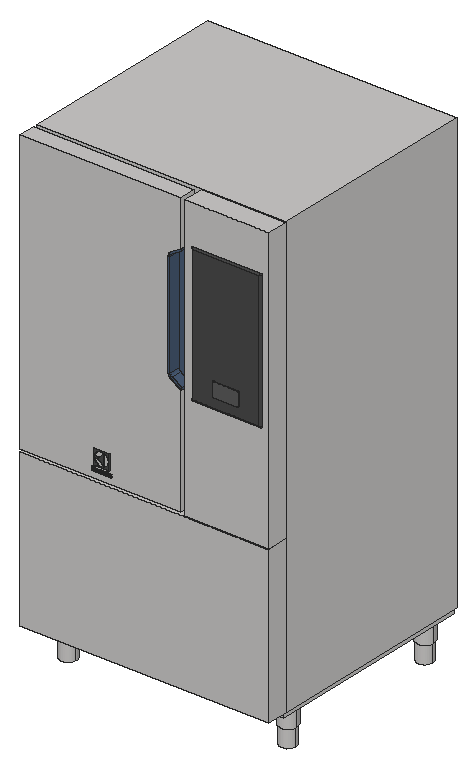
Revit family "QF_ELECTROLUXPROFESSIONAL_727737_EBFA11RE", category Specialty Equipment, Revit 2018
Family settings
  Round Connector Dimension = Use Diameter
  Part Type = Normal
  Work Plane-Based = No
  Always vertical = Yes
  Cut with Voids When Loaded = No
  Shared = No
  Room Calculation Point = No
Parameters
  Weight = 0.00 kg
  Watts = 0 W
  Volts = 220 V
  URL Manufacturer = "http://professional.electrolux.com"
  URL = "http://professional.electrolux.com"
  Steam Supply Size = 0 mm
  Steam Supply Minimum Pressure = 0.0 Pa
  Steam Supply Maximum Pressure = 0.0 Pa
  Steam Pounds per Hour = 0
  Show Logo [instance] = yes
  Show Clearance [instance] = yes
  Refrigeration Suction Line Size = 0 mm
  Refrigeration Liquid Line Size = 0 mm
  Refrigerant Compressor Remote = yes
  Manufacturer = "Electrolux"
  Phase = 1
  Model = "EBFA11RE"
  Length Actual = 895 mm  # constant formula
  Item Number = "727737"
  Hot Water Size = 0 mm
  Height Actual = 1731 mm  # constant formula
  HP = "2.5 HP"
  Gas Size = 0 mm
  Gas KW = 0
  Gas Input Pressure = 0 W
  Direct Waste Size = 139.7 mm
  Description = "SKYLINE CHILLS BLAST CHILLER FREEZER 50/50KG 10 GN 1/1 - REMOTE REFRIGERATING UNIT"
  Depth Actual = 939 mm  # constant formula
  Cycle = 60 Hz
  Condensate Return Size = 0 mm
  Compressed Air Volume = 0.0 L/s
  Compressed Air Size = 0 mm
  Compressed Air Pressure = 0.0 Pa
  Cold Water Size = 0 mm
  Accessory = yes
Reference planes
  plane 1 "Center X": y = 126.351
  plane 2: z = 0
  plane 3 "Center Y": x = -311.5
  plane 4 "LEFT": x = -759
  plane 5 "BACK": y = 547.851
  plane 6 "RIGHT": x = 136
  plane 7 "FRONT": y = -295.149
  plane 8: z = 130
  plane 9 "TOP": z = 1731
  plane 10: x = -707
  plane 11: y = 471.851
  plane 12: x = 84
  plane 13: y = -144.149
  plane 14: y = 639.851
  plane 15: y = -834.149
Forms (mm)
  Extrusion 1, solid, material "QF_Finishes_Stainless Steel"
    sketch origin (0, 0, 1731) x (-1, 0, 0) y (0, -1, 0)
      loop
        line (759, -547.851) -> (759, 219.149) -> (-136, 219.149) -> (-136, -547.851) -> (759, -547.851)
    from 0 to -1581
  Extrusion 2, solid, material "QF_Finishes_Stainless Steel"
    sketch origin (-759, -0.954, 258.709) x (0, 1, 0) y (0, 0, 1)
      loop
        line (548.805, 694.306) -> (548.805, 392.314) -> (633.5, 399.789)
        arc (633.5, 399.789) -> (638.702, 402.354) -> (640.805, 407.759) r 8
        line (640.805, 407.759) -> (640.805, 433.233)
        arc (640.805, 433.233) -> (636.783, 442.547) -> (640.805, 451.86) r 12.795
        line (640.805, 451.86) -> (640.805, 483.24)
        arc (640.805, 483.24) -> (636.783, 492.554) -> (640.805, 501.867) r 12.795
        line (640.805, 501.867) -> (640.805, 533.247)
        arc (640.805, 533.247) -> (636.783, 542.56) -> (640.805, 551.874) r 12.795
        line (640.805, 551.874) -> (640.805, 583.254)
        arc (640.805, 583.254) -> (636.783, 592.567) -> (640.805, 601.881) r 12.795
        line (640.805, 601.881) -> (640.805, 634.796)
        arc (640.805, 634.796) -> (639.466, 639.795) -> (635.808, 643.455) r 10
        line (635.808, 643.455) -> (548.805, 694.306)
    from 618.187 to 801.865
  Extrusion 3, solid, material "QF_Finishes_Stainless Steel"
    sketch origin (-54.727, 547.851, 2066) x (1, 0, 0) y (0, 0, -1)
      loop
        circle (121.727, 1473) r 10.5
    from 0 to 29
  Extrusion 4, solid, material "QF_Finishes_Stainless Steel"
    sketch origin (-1206.916, -1524, 130) x (-1, 0, 0) y (0, -1, 0)
      loop
        line (-447.916, -1228.851) -> (-1342.916, -1228.851) -> (-1342.916, -1303.851) -> (-447.916, -1303.851) -> (-447.916, -1228.851)
    from 580 to 20.02
  Extrusion 5, solid, material "QF_Finishes_Stainless Steel"
    sketch origin (-1206.916, -1524, 130) x (-1, 0, 0) y (0, -1, 0)
      loop
        line (-456.916, -2071.851) -> (-456.916, -1306.851) -> (-1333.916, -1306.851) -> (-1333.916, -2071.851) -> (-456.916, -2071.851)
    from 20 to 0
  Extrusion 6, solid, material "QF_Finishes_Stainless Steel"
    sketch origin (-1206.916, -1524, 130) x (0, -1, 0) y (-1, 0, 0)
      loop
        circle (-1673.851, -847.916) r 9.5
    from 0 to 31.68
  Extrusion 7, void
    sketch origin (1, 0, 1731) x (-1, 0, 0) y (0, -1, 0)
      loop
        line (132.09, -639.851) -> (141.813, -639.851) -> (141.813, -547.851) -> (140.183, -547.851) -> (132.09, -639.851)
      loop
        line (-40.234, -547.851) -> (-41.865, -547.851) -> (-41.865, -639.851) -> (-32.141, -639.851) -> (-40.234, -547.851)
    from -1080 to -770
  Extrusion 8, solid, material "QF_Finishes_Stainless Steel"
    sketch origin (-623, -295.149, 0) x (1, 0, 0) y (0, 0, -1)
      loop
        line (442.2, -1731) -> (442.2, -1568.97) -> (405.947, -1544.888)
        arc (405.947, -1544.888) -> (399.716, -1538.041) -> (397.46, -1529.062) r 19
        line (397.46, -1529.062) -> (397.46, -1154.149)
        arc (397.46, -1154.149) -> (399.839, -1144.688) -> (406.41, -1137.479) r 20
        line (406.41, -1137.479) -> (442.2, -1113.756) -> (442.2, -719.524) -> (-136, -719.524) -> (-136, -1731) -> (442.2, -1731)
    from 0 to 60
  Extrusion 9, solid, material "QF_Finishes_Stainless Steel"
    sketch origin (-623, 0, 1060.038) x (1, 0, 0) y (0, 1, 0)
      loop
        line (759, -295.149) -> (759, -220.149) -> (457, -220.149) -> (457, -295.149) -> (759, -295.149)
    from 670.962 to -349
  Extrusion 10, solid, material "QF_Door-Drawer Clearances", visible <- "Show Clearance", detail levels coarse
    sketch origin (-623, 0, 1060.038) x (1, 0, 0) y (0, 1, 0)
      loop
        line (-82, -295.149) -> (-82, -831.649)
        arc (-82, -831.649) -> (284.195, -665.108) -> (442.2, -295.149) r 556
        line (442.2, -295.149) -> (-82, -295.149)
    from -340.514 to 670.962
  Extrusion 11, solid, material "QF_Finishes_Stainless Steel"
    sketch origin (-632, -235.149, 600.072) x (1, 0, 0) y (0, 0, -1)
      loop
        line (406.46, -554.076) -> (406.46, -928.989)
        arc (406.46, -928.989) -> (408.716, -937.969) -> (414.947, -944.816) r 19
        line (414.947, -944.816) -> (451.2, -968.898) -> (451.2, -513.683) -> (415.41, -537.406)
        arc (415.41, -537.406) -> (408.839, -544.616) -> (406.46, -554.076) r 20
    from -21 to 0
  Extrusion 12, solid, material "QF_Finishes_Electrolux_Blue"
    sketch origin (-632, -295.149, 600.072) x (-1, 0, 0) y (0, 0, -1)
      loop
        line (-451.2, -968.898) -> (-414.947, -944.816)
        arc (-414.947, -944.816) -> (-408.716, -937.969) -> (-406.46, -928.989) r 19
        line (-406.46, -928.989) -> (-406.46, -554.076)
        arc (-406.46, -554.076) -> (-408.839, -544.616) -> (-415.41, -537.406) r 20
        line (-415.41, -537.406) -> (-451.2, -513.683) -> (-453.7, -513.683) -> (-453.7, -519.824) -> (-419.001, -542.824)
        arc (-419.001, -542.824) -> (-414.566, -547.691) -> (-412.96, -554.076) r 13.5
        line (-412.96, -554.076) -> (-412.96, -928.989)
        arc (-412.96, -928.989) -> (-414.444, -934.897) -> (-418.543, -939.401) r 12.5
        line (-418.543, -939.401) -> (-453.7, -962.755) -> (-453.7, -968.898) -> (-451.2, -968.898)
    from -39 to 1
  Extrusion 13, void
    sketch origin (136, -219.149, 1731) x (1, 0, 0) y (0, 0, -1)
      loop
        line (-366.8, 60) -> (-366.8, 962) -> (-834, 962) -> (-834, 60) -> (-366.8, 60)
    from 0 to 705
  Extrusion 14, solid, material "QF_Door-Drawer Clearances", visible <- "Show Clearance", detail levels coarse
    sketch origin (-765, -389.449, 0) x (0, -1, 0) y (0, 0, -1)
      loop
        line (442.2, -1731) -> (442.2, -1568.97) -> (405.947, -1544.888)
        arc (405.947, -1544.888) -> (399.716, -1538.041) -> (397.46, -1529.062) r 19
        line (397.46, -1529.062) -> (397.46, -1154.149)
        arc (397.46, -1154.149) -> (399.839, -1144.688) -> (406.41, -1137.479) r 20
        line (406.41, -1137.479) -> (442.2, -1113.756) -> (442.2, -719.524) -> (-94.3, -719.524) -> (-94.3, -1731) -> (442.2, -1731)
    from 0 to 60
  Extrusion 15, solid, material "QF_Door-Drawer Clearances", visible <- "Show Clearance", detail levels coarse
    sketch origin (-705, -380.449, 600.072) x (0, -1, 0) y (0, 0, -1)
      loop
        line (406.46, -554.076) -> (406.46, -928.989)
        arc (406.46, -928.989) -> (408.716, -937.969) -> (414.947, -944.816) r 19
        line (414.947, -944.816) -> (451.2, -968.898) -> (451.2, -513.683) -> (415.41, -537.406)
        arc (415.41, -537.406) -> (408.839, -544.616) -> (406.46, -554.076) r 20
    from -21 to 0
  Extrusion 16, solid, material "QF_Door-Drawer Clearances", visible <- "Show Clearance", detail levels coarse
    sketch origin (-765, -380.449, 600.072) x (0, 1, 0) y (0, 0, -1)
      loop
        line (-451.2, -968.898) -> (-414.947, -944.816)
        arc (-414.947, -944.816) -> (-408.716, -937.969) -> (-406.46, -928.989) r 19
        line (-406.46, -928.989) -> (-406.46, -554.076)
        arc (-406.46, -554.076) -> (-408.839, -544.616) -> (-415.41, -537.406) r 20
        line (-415.41, -537.406) -> (-451.2, -513.683) -> (-453.7, -513.683) -> (-453.7, -519.824) -> (-419.001, -542.824)
        arc (-419.001, -542.824) -> (-414.566, -547.691) -> (-412.96, -554.076) r 13.5
        line (-412.96, -554.076) -> (-412.96, -928.989)
        arc (-412.96, -928.989) -> (-414.444, -934.897) -> (-418.543, -939.401) r 12.5
        line (-418.543, -939.401) -> (-453.7, -962.755) -> (-453.7, -968.898) -> (-451.2, -968.898)
    from -39 to 1
  Extrusion 17, solid, material "QF_Finishes_Stainless Steel"
    sketch origin (-759, 547.851, 1731) x (1, 0, 0) y (0, 0, -1)
      loop
        circle (743, 1514) r 4.75
    from -100 to -80
  Extrusion 18, solid, material "QF_Finishes_Stainless Steel"
    sketch origin (-759, 547.851, 1731) x (1, 0, 0) y (0, 0, -1)
      loop
        circle (685, 1508) r 8
    from -100 to -20
Cuts and joins
  Extrusion 13 cuts Extrusion 1
  Extrusion 7, Extrusion 13 cuts Extrusion 2
  Extrusion 13 cuts Extrusion 3
  Extrusion 13 cuts Extrusion 5
  Extrusion 13 cuts Extrusion 6
  joined: Extrusion 1, Extrusion 2, Extrusion 3, Extrusion 5, Extrusion 6
  joined: Extrusion 10, Extrusion 14, Extrusion 15, Extrusion 16
Lines and regions (mm)
  Split face 1
    outline origin (594.146, -295.149, -365.12) x (-1, 0, 0) y (0, 0, -1)
      loop
        line (490.638, -548.639) -> (600.654, -548.639) -> (600.654, -543.665) -> (490.638, -543.665) -> (490.638, -548.639)
  Split face 2
    outline origin (594.146, -295.149, -355.62) x (-1, 0, 0) y (0, 0, -1)
      loop
        line (490.638, -548.639) -> (600.654, -548.639) -> (600.654, -543.665) -> (490.638, -543.665) -> (490.638, -548.639)
  Split face 3
    outline origin (594.146, -295.149, -346.12) x (-1, 0, 0) y (0, 0, -1)
      loop
        line (490.638, -548.639) -> (600.654, -548.639) -> (600.654, -543.665) -> (490.638, -543.665) -> (490.638, -548.639)
  Split face 4
    outline origin (594.146, -295.149, -336.62) x (-1, 0, 0) y (0, 0, -1)
      loop
        line (490.638, -548.639) -> (600.654, -548.639) -> (600.654, -543.665) -> (490.638, -543.665) -> (490.638, -548.639)
  Split face 5
    outline origin (594.146, -295.149, -327.12) x (-1, 0, 0) y (0, 0, -1)
      loop
        line (490.638, -548.639) -> (600.654, -548.639) -> (600.654, -543.665) -> (490.638, -543.665) -> (490.638, -548.639)
  Split face 6
    outline origin (594.146, -295.149, -317.619) x (-1, 0, 0) y (0, 0, -1)
      loop
        line (490.638, -548.639) -> (600.654, -548.639) -> (600.654, -543.665) -> (490.638, -543.665) -> (490.638, -548.639)
  Split face 7
    outline origin (594.146, -295.149, -308.119) x (-1, 0, 0) y (0, 0, -1)
      loop
        line (490.638, -548.639) -> (600.654, -548.639) -> (600.654, -543.665) -> (490.638, -543.665) -> (490.638, -548.639)
  Split face 8
    outline origin (594.146, -295.149, -298.619) x (-1, 0, 0) y (0, 0, -1)
      loop
        line (490.638, -548.639) -> (600.654, -548.639) -> (600.654, -543.665) -> (490.638, -543.665) -> (490.638, -548.639)
  Split face 9
    outline origin (594.146, -295.149, -289.119) x (-1, 0, 0) y (0, 0, -1)
      loop
        line (490.638, -548.639) -> (600.654, -548.639) -> (600.654, -543.665) -> (490.638, -543.665) -> (490.638, -548.639)
  Split face 10
    outline origin (594.146, -295.149, -279.619) x (-1, 0, 0) y (0, 0, -1)
      loop
        line (490.638, -548.639) -> (600.654, -548.639) -> (600.654, -543.665) -> (490.638, -543.665) -> (490.638, -548.639)
  Split face 11
    outline origin (594.146, -295.149, -270.119) x (-1, 0, 0) y (0, 0, -1)
      loop
        line (490.638, -548.639) -> (600.654, -548.639) -> (600.654, -543.665) -> (490.638, -543.665) -> (490.638, -548.639)
  Split face 12
    outline origin (594.146, -295.149, -260.619) x (-1, 0, 0) y (0, 0, -1)
      loop
        line (490.638, -548.639) -> (600.654, -548.639) -> (600.654, -543.665) -> (490.638, -543.665) -> (490.638, -548.639)
  Split face 13
    outline origin (594.146, -295.149, -251.119) x (-1, 0, 0) y (0, 0, -1)
      loop
        line (490.638, -548.639) -> (600.654, -548.639) -> (600.654, -543.665) -> (490.638, -543.665) -> (490.638, -548.639)
  Split face 14
    outline origin (594.146, -295.149, -241.619) x (-1, 0, 0) y (0, 0, -1)
      loop
        line (490.638, -548.639) -> (600.654, -548.639) -> (600.654, -543.665) -> (490.638, -543.665) -> (490.638, -548.639)
  Split face 15
    outline origin (594.146, -295.149, -232.119) x (-1, 0, 0) y (0, 0, -1)
      loop
        line (490.638, -548.639) -> (600.654, -548.639) -> (600.654, -543.665) -> (490.638, -543.665) -> (490.638, -548.639)
  Split face 16
    outline origin (594.146, -295.149, -222.619) x (-1, 0, 0) y (0, 0, -1)
      loop
        line (490.638, -548.639) -> (600.654, -548.639) -> (600.654, -543.665) -> (490.638, -543.665) -> (490.638, -548.639)
  Split face 17
    outline origin (594.146, -295.149, -213.119) x (-1, 0, 0) y (0, 0, -1)
      loop
        line (490.638, -548.639) -> (600.654, -548.639) -> (600.654, -543.665) -> (490.638, -543.665) -> (490.638, -548.639)
  Split face 18
    outline origin (594.146, -295.149, -203.619) x (-1, 0, 0) y (0, 0, -1)
      loop
        line (490.638, -548.639) -> (600.654, -548.639) -> (600.654, -543.665) -> (490.638, -543.665) -> (490.638, -548.639)
  Split face 19
    outline origin (594.146, -295.149, -194.118) x (-1, 0, 0) y (0, 0, -1)
      loop
        line (490.638, -548.639) -> (600.654, -548.639) -> (600.654, -543.665) -> (490.638, -543.665) -> (490.638, -548.639)
  Split face 20
    outline origin (594.146, -295.149, -184.618) x (-1, 0, 0) y (0, 0, -1)
      loop
        line (490.638, -548.639) -> (600.654, -548.639) -> (600.654, -543.665) -> (490.638, -543.665) -> (490.638, -548.639)
  Split face 21
    outline origin (594.146, -295.149, -175.118) x (-1, 0, 0) y (0, 0, -1)
      loop
        line (490.638, -548.639) -> (600.654, -548.639) -> (600.654, -543.665) -> (490.638, -543.665) -> (490.638, -548.639)
  Split face 22
    outline origin (594.146, -295.149, -165.618) x (-1, 0, 0) y (0, 0, -1)
      loop
        line (490.638, -548.639) -> (600.654, -548.639) -> (600.654, -543.665) -> (490.638, -543.665) -> (490.638, -548.639)
  Split face 23
    outline origin (594.146, -295.149, -156.118) x (-1, 0, 0) y (0, 0, -1)
      loop
        line (490.638, -548.639) -> (600.654, -548.639) -> (600.654, -543.665) -> (490.638, -543.665) -> (490.638, -548.639)
  Split face 24
    outline origin (594.146, -295.149, -146.618) x (-1, 0, 0) y (0, 0, -1)
      loop
        line (490.638, -548.639) -> (600.654, -548.639) -> (600.654, -543.665) -> (490.638, -543.665) -> (490.638, -548.639)
  Split face 25
    outline origin (594.146, -295.149, -137.118) x (-1, 0, 0) y (0, 0, -1)
      loop
        line (490.638, -548.639) -> (600.654, -548.639) -> (600.654, -543.665) -> (490.638, -543.665) -> (490.638, -548.639)
  Split face 26
    outline origin (594.146, -295.149, -127.618) x (-1, 0, 0) y (0, 0, -1)
      loop
        line (490.638, -548.639) -> (600.654, -548.639) -> (600.654, -543.665) -> (490.638, -543.665) -> (490.638, -548.639)
  Split face 27
    outline origin (594.146, -295.149, -118.118) x (-1, 0, 0) y (0, 0, -1)
      loop
        line (490.638, -548.639) -> (600.654, -548.639) -> (600.654, -543.665) -> (490.638, -543.665) -> (490.638, -548.639)
  Split face 28
    outline origin (594.146, -295.149, -108.618) x (-1, 0, 0) y (0, 0, -1)
      loop
        line (490.638, -548.639) -> (600.654, -548.639) -> (600.654, -543.665) -> (490.638, -543.665) -> (490.638, -548.639)
  Split face 29
    outline origin (594.146, -295.149, -99.118) x (-1, 0, 0) y (0, 0, -1)
      loop
        line (490.638, -548.639) -> (600.654, -548.639) -> (600.654, -543.665) -> (490.638, -543.665) -> (490.638, -548.639)
  Split face 30
    outline origin (594.146, -295.149, -89.618) x (-1, 0, 0) y (0, 0, -1)
      loop
        line (490.638, -548.639) -> (600.654, -548.639) -> (600.654, -543.665) -> (490.638, -543.665) -> (490.638, -548.639)
  Split face 31
    outline origin (594.146, -295.149, -80.117) x (-1, 0, 0) y (0, 0, -1)
      loop
        line (490.638, -548.639) -> (600.654, -548.639) -> (600.654, -543.665) -> (490.638, -543.665) -> (490.638, -548.639)
  Split face 32
    outline origin (594.146, -295.149, -70.617) x (-1, 0, 0) y (0, 0, -1)
      loop
        line (490.638, -548.639) -> (600.654, -548.639) -> (600.654, -543.665) -> (490.638, -543.665) -> (490.638, -548.639)
  Split face 33
    outline origin (594.146, -295.149, -61.117) x (-1, 0, 0) y (0, 0, -1)
      loop
        line (490.638, -548.639) -> (600.654, -548.639) -> (600.654, -543.665) -> (490.638, -543.665) -> (490.638, -548.639)
  Split face 34
    outline origin (594.146, -295.149, -51.617) x (-1, 0, 0) y (0, 0, -1)
      loop
        line (490.638, -548.639) -> (600.654, -548.639) -> (600.654, -543.665) -> (490.638, -543.665) -> (490.638, -548.639)
  Split face 35
    outline origin (594.146, -295.149, -42.117) x (-1, 0, 0) y (0, 0, -1)
      loop
        line (490.638, -548.639) -> (600.654, -548.639) -> (600.654, -543.665) -> (490.638, -543.665) -> (490.638, -548.639)
  Split face 36
    outline origin (594.146, -295.149, -32.617) x (-1, 0, 0) y (0, 0, -1)
      loop
        line (490.638, -548.639) -> (600.654, -548.639) -> (600.654, -543.665) -> (490.638, -543.665) -> (490.638, -548.639)
  Split face 37
    outline origin (594.146, -295.149, -23.117) x (-1, 0, 0) y (0, 0, -1)
      loop
        line (490.638, -548.639) -> (600.654, -548.639) -> (600.654, -543.665) -> (490.638, -543.665) -> (490.638, -548.639)
  Split face 38
    outline origin (594.146, -295.149, -13.617) x (-1, 0, 0) y (0, 0, -1)
      loop
        line (490.638, -548.639) -> (600.654, -548.639) -> (600.654, -543.665) -> (490.638, -543.665) -> (490.638, -548.639)
  Split face 39
    outline origin (594.146, -295.149, -4.117) x (-1, 0, 0) y (0, 0, -1)
      loop
        line (490.638, -548.639) -> (600.654, -548.639) -> (600.654, -543.665) -> (490.638, -543.665) -> (490.638, -548.639)
  Split face 40
    outline origin (594.146, -295.149, 5.383) x (-1, 0, 0) y (0, 0, -1)
      loop
        line (490.638, -548.639) -> (600.654, -548.639) -> (600.654, -543.665) -> (490.638, -543.665) -> (490.638, -548.639)
  Split face 41
    outline origin (594.146, -295.149, 14.883) x (-1, 0, 0) y (0, 0, -1)
      loop
        line (490.638, -548.639) -> (600.654, -548.639) -> (600.654, -543.665) -> (490.638, -543.665) -> (490.638, -548.639)
  Split face 42
    outline origin (474.155, -295.149, -365.12) x (-1, 0, 0) y (0, 0, -1)
      loop
        line (490.638, -548.639) -> (600.654, -548.639) -> (600.654, -543.665) -> (490.638, -543.665) -> (490.638, -548.639)
  Split face 43
    outline origin (474.155, -295.149, -355.62) x (-1, 0, 0) y (0, 0, -1)
      loop
        line (490.638, -548.639) -> (600.654, -548.639) -> (600.654, -543.665) -> (490.638, -543.665) -> (490.638, -548.639)
  Split face 44
    outline origin (474.155, -295.149, -346.12) x (-1, 0, 0) y (0, 0, -1)
      loop
        line (490.638, -548.639) -> (600.654, -548.639) -> (600.654, -543.665) -> (490.638, -543.665) -> (490.638, -548.639)
  Split face 45
    outline origin (474.155, -295.149, -336.62) x (-1, 0, 0) y (0, 0, -1)
      loop
        line (490.638, -548.639) -> (600.654, -548.639) -> (600.654, -543.665) -> (490.638, -543.665) -> (490.638, -548.639)
  Split face 46
    outline origin (474.155, -295.149, -327.12) x (-1, 0, 0) y (0, 0, -1)
      loop
        line (490.638, -548.639) -> (600.654, -548.639) -> (600.654, -543.665) -> (490.638, -543.665) -> (490.638, -548.639)
  Split face 47
    outline origin (474.155, -295.149, -317.619) x (-1, 0, 0) y (0, 0, -1)
      loop
        line (490.638, -548.639) -> (600.654, -548.639) -> (600.654, -543.665) -> (490.638, -543.665) -> (490.638, -548.639)
  Split face 48
    outline origin (474.155, -295.149, -308.119) x (-1, 0, 0) y (0, 0, -1)
      loop
        line (490.638, -548.639) -> (600.654, -548.639) -> (600.654, -543.665) -> (490.638, -543.665) -> (490.638, -548.639)
  Split face 49
    outline origin (474.155, -295.149, -298.619) x (-1, 0, 0) y (0, 0, -1)
      loop
        line (490.638, -548.639) -> (600.654, -548.639) -> (600.654, -543.665) -> (490.638, -543.665) -> (490.638, -548.639)
  Split face 50
    outline origin (474.155, -295.149, -289.119) x (-1, 0, 0) y (0, 0, -1)
      loop
        line (490.638, -548.639) -> (600.654, -548.639) -> (600.654, -543.665) -> (490.638, -543.665) -> (490.638, -548.639)
  Split face 51
    outline origin (474.155, -295.149, -279.619) x (-1, 0, 0) y (0, 0, -1)
      loop
        line (490.638, -548.639) -> (600.654, -548.639) -> (600.654, -543.665) -> (490.638, -543.665) -> (490.638, -548.639)
  Split face 52
    outline origin (474.155, -295.149, -270.119) x (-1, 0, 0) y (0, 0, -1)
      loop
        line (490.638, -548.639) -> (600.654, -548.639) -> (600.654, -543.665) -> (490.638, -543.665) -> (490.638, -548.639)
  Split face 53
    outline origin (474.155, -295.149, -260.619) x (-1, 0, 0) y (0, 0, -1)
      loop
        line (490.638, -548.639) -> (600.654, -548.639) -> (600.654, -543.665) -> (490.638, -543.665) -> (490.638, -548.639)
  Split face 54
    outline origin (474.155, -295.149, -251.119) x (-1, 0, 0) y (0, 0, -1)
      loop
        line (490.638, -548.639) -> (600.654, -548.639) -> (600.654, -543.665) -> (490.638, -543.665) -> (490.638, -548.639)
  Split face 55
    outline origin (474.155, -295.149, -241.619) x (-1, 0, 0) y (0, 0, -1)
      loop
        line (490.638, -548.639) -> (600.654, -548.639) -> (600.654, -543.665) -> (490.638, -543.665) -> (490.638, -548.639)
  Split face 56
    outline origin (474.155, -295.149, -232.119) x (-1, 0, 0) y (0, 0, -1)
      loop
        line (490.638, -548.639) -> (600.654, -548.639) -> (600.654, -543.665) -> (490.638, -543.665) -> (490.638, -548.639)
  Split face 57
    outline origin (474.155, -295.149, -222.619) x (-1, 0, 0) y (0, 0, -1)
      loop
        line (490.638, -548.639) -> (600.654, -548.639) -> (600.654, -543.665) -> (490.638, -543.665) -> (490.638, -548.639)
  Split face 58
    outline origin (474.155, -295.149, -213.119) x (-1, 0, 0) y (0, 0, -1)
      loop
        line (490.638, -548.639) -> (600.654, -548.639) -> (600.654, -543.665) -> (490.638, -543.665) -> (490.638, -548.639)
  Split face 59
    outline origin (474.155, -295.149, -203.619) x (-1, 0, 0) y (0, 0, -1)
      loop
        line (490.638, -548.639) -> (600.654, -548.639) -> (600.654, -543.665) -> (490.638, -543.665) -> (490.638, -548.639)
  Split face 60
    outline origin (474.155, -295.149, -194.118) x (-1, 0, 0) y (0, 0, -1)
      loop
        line (490.638, -548.639) -> (600.654, -548.639) -> (600.654, -543.665) -> (490.638, -543.665) -> (490.638, -548.639)
  Split face 61
    outline origin (474.155, -295.149, -184.618) x (-1, 0, 0) y (0, 0, -1)
      loop
        line (490.638, -548.639) -> (600.654, -548.639) -> (600.654, -543.665) -> (490.638, -543.665) -> (490.638, -548.639)
  Split face 62
    outline origin (474.155, -295.149, -175.118) x (-1, 0, 0) y (0, 0, -1)
      loop
        line (490.638, -548.639) -> (600.654, -548.639) -> (600.654, -543.665) -> (490.638, -543.665) -> (490.638, -548.639)
  Split face 63
    outline origin (474.155, -295.149, -165.618) x (-1, 0, 0) y (0, 0, -1)
      loop
        line (490.638, -548.639) -> (600.654, -548.639) -> (600.654, -543.665) -> (490.638, -543.665) -> (490.638, -548.639)
  Split face 64
    outline origin (474.155, -295.149, -156.118) x (-1, 0, 0) y (0, 0, -1)
      loop
        line (490.638, -548.639) -> (600.654, -548.639) -> (600.654, -543.665) -> (490.638, -543.665) -> (490.638, -548.639)
  Split face 65
    outline origin (474.155, -295.149, -146.618) x (-1, 0, 0) y (0, 0, -1)
      loop
        line (490.638, -548.639) -> (600.654, -548.639) -> (600.654, -543.665) -> (490.638, -543.665) -> (490.638, -548.639)
  Split face 66
    outline origin (474.155, -295.149, -137.118) x (-1, 0, 0) y (0, 0, -1)
      loop
        line (490.638, -548.639) -> (600.654, -548.639) -> (600.654, -543.665) -> (490.638, -543.665) -> (490.638, -548.639)
  Split face 67
    outline origin (474.155, -295.149, -127.618) x (-1, 0, 0) y (0, 0, -1)
      loop
        line (490.638, -548.639) -> (600.654, -548.639) -> (600.654, -543.665) -> (490.638, -543.665) -> (490.638, -548.639)
  Split face 68
    outline origin (474.155, -295.149, -118.118) x (-1, 0, 0) y (0, 0, -1)
      loop
        line (490.638, -548.639) -> (600.654, -548.639) -> (600.654, -543.665) -> (490.638, -543.665) -> (490.638, -548.639)
  Split face 69
    outline origin (474.155, -295.149, -108.618) x (-1, 0, 0) y (0, 0, -1)
      loop
        line (490.638, -548.639) -> (600.654, -548.639) -> (600.654, -543.665) -> (490.638, -543.665) -> (490.638, -548.639)
  Split face 70
    outline origin (474.155, -295.149, -99.118) x (-1, 0, 0) y (0, 0, -1)
      loop
        line (490.638, -548.639) -> (600.654, -548.639) -> (600.654, -543.665) -> (490.638, -543.665) -> (490.638, -548.639)
  Split face 71
    outline origin (474.155, -295.149, -89.618) x (-1, 0, 0) y (0, 0, -1)
      loop
        line (490.638, -548.639) -> (600.654, -548.639) -> (600.654, -543.665) -> (490.638, -543.665) -> (490.638, -548.639)
  Split face 72
    outline origin (474.155, -295.149, -80.117) x (-1, 0, 0) y (0, 0, -1)
      loop
        line (490.638, -548.639) -> (600.654, -548.639) -> (600.654, -543.665) -> (490.638, -543.665) -> (490.638, -548.639)
  Split face 73
    outline origin (474.155, -295.149, -70.617) x (-1, 0, 0) y (0, 0, -1)
      loop
        line (490.638, -548.639) -> (600.654, -548.639) -> (600.654, -543.665) -> (490.638, -543.665) -> (490.638, -548.639)
  Split face 74
    outline origin (474.155, -295.149, -61.117) x (-1, 0, 0) y (0, 0, -1)
      loop
        line (490.638, -548.639) -> (600.654, -548.639) -> (600.654, -543.665) -> (490.638, -543.665) -> (490.638, -548.639)
  Split face 75
    outline origin (474.155, -295.149, -51.617) x (-1, 0, 0) y (0, 0, -1)
      loop
        line (490.638, -548.639) -> (600.654, -548.639) -> (600.654, -543.665) -> (490.638, -543.665) -> (490.638, -548.639)
  Split face 76
    outline origin (474.155, -295.149, -42.117) x (-1, 0, 0) y (0, 0, -1)
      loop
        line (490.638, -548.639) -> (600.654, -548.639) -> (600.654, -543.665) -> (490.638, -543.665) -> (490.638, -548.639)
  Split face 77
    outline origin (474.155, -295.149, -32.617) x (-1, 0, 0) y (0, 0, -1)
      loop
        line (490.638, -548.639) -> (600.654, -548.639) -> (600.654, -543.665) -> (490.638, -543.665) -> (490.638, -548.639)
  Split face 78
    outline origin (474.155, -295.149, -23.117) x (-1, 0, 0) y (0, 0, -1)
      loop
        line (490.638, -548.639) -> (600.654, -548.639) -> (600.654, -543.665) -> (490.638, -543.665) -> (490.638, -548.639)
  Split face 79
    outline origin (474.155, -295.149, -13.617) x (-1, 0, 0) y (0, 0, -1)
      loop
        line (490.638, -548.639) -> (600.654, -548.639) -> (600.654, -543.665) -> (490.638, -543.665) -> (490.638, -548.639)
  Split face 80
    outline origin (474.155, -295.149, -4.117) x (-1, 0, 0) y (0, 0, -1)
      loop
        line (490.638, -548.639) -> (600.654, -548.639) -> (600.654, -543.665) -> (490.638, -543.665) -> (490.638, -548.639)
  Split face 81
    outline origin (474.155, -295.149, 5.383) x (-1, 0, 0) y (0, 0, -1)
      loop
        line (490.638, -548.639) -> (600.654, -548.639) -> (600.654, -543.665) -> (490.638, -543.665) -> (490.638, -548.639)
  Split face 82
    outline origin (474.155, -295.149, 14.883) x (-1, 0, 0) y (0, 0, -1)
      loop
        line (490.638, -548.639) -> (600.654, -548.639) -> (600.654, -543.665) -> (490.638, -543.665) -> (490.638, -548.639)
  Split face 83
    outline origin (354.164, -295.149, -365.12) x (-1, 0, 0) y (0, 0, -1)
      loop
        line (490.638, -548.639) -> (600.654, -548.639) -> (600.654, -543.665) -> (490.638, -543.665) -> (490.638, -548.639)
  Split face 84
    outline origin (354.164, -295.149, -355.62) x (-1, 0, 0) y (0, 0, -1)
      loop
        line (490.638, -548.639) -> (600.654, -548.639) -> (600.654, -543.665) -> (490.638, -543.665) -> (490.638, -548.639)
  Split face 85
    outline origin (354.164, -295.149, -346.12) x (-1, 0, 0) y (0, 0, -1)
      loop
        line (490.638, -548.639) -> (600.654, -548.639) -> (600.654, -543.665) -> (490.638, -543.665) -> (490.638, -548.639)
  Split face 86
    outline origin (354.164, -295.149, -336.62) x (-1, 0, 0) y (0, 0, -1)
      loop
        line (490.638, -548.639) -> (600.654, -548.639) -> (600.654, -543.665) -> (490.638, -543.665) -> (490.638, -548.639)
  Split face 87
    outline origin (354.164, -295.149, -327.12) x (-1, 0, 0) y (0, 0, -1)
      loop
        line (490.638, -548.639) -> (600.654, -548.639) -> (600.654, -543.665) -> (490.638, -543.665) -> (490.638, -548.639)
  Split face 88
    outline origin (354.164, -295.149, -317.619) x (-1, 0, 0) y (0, 0, -1)
      loop
        line (490.638, -548.639) -> (600.654, -548.639) -> (600.654, -543.665) -> (490.638, -543.665) -> (490.638, -548.639)
  Split face 89
    outline origin (354.164, -295.149, -308.119) x (-1, 0, 0) y (0, 0, -1)
      loop
        line (490.638, -548.639) -> (600.654, -548.639) -> (600.654, -543.665) -> (490.638, -543.665) -> (490.638, -548.639)
  Split face 90
    outline origin (354.164, -295.149, -298.619) x (-1, 0, 0) y (0, 0, -1)
      loop
        line (490.638, -548.639) -> (600.654, -548.639) -> (600.654, -543.665) -> (490.638, -543.665) -> (490.638, -548.639)
  Split face 91
    outline origin (354.164, -295.149, -289.119) x (-1, 0, 0) y (0, 0, -1)
      loop
        line (490.638, -548.639) -> (600.654, -548.639) -> (600.654, -543.665) -> (490.638, -543.665) -> (490.638, -548.639)
  Split face 92
    outline origin (354.164, -295.149, -279.619) x (-1, 0, 0) y (0, 0, -1)
      loop
        line (490.638, -548.639) -> (600.654, -548.639) -> (600.654, -543.665) -> (490.638, -543.665) -> (490.638, -548.639)
  Split face 93
    outline origin (354.164, -295.149, -270.119) x (-1, 0, 0) y (0, 0, -1)
      loop
        line (490.638, -548.639) -> (600.654, -548.639) -> (600.654, -543.665) -> (490.638, -543.665) -> (490.638, -548.639)
  Split face 94
    outline origin (354.164, -295.149, -260.619) x (-1, 0, 0) y (0, 0, -1)
      loop
        line (490.638, -548.639) -> (600.654, -548.639) -> (600.654, -543.665) -> (490.638, -543.665) -> (490.638, -548.639)
  Split face 95
    outline origin (354.164, -295.149, -251.119) x (-1, 0, 0) y (0, 0, -1)
      loop
        line (490.638, -548.639) -> (600.654, -548.639) -> (600.654, -543.665) -> (490.638, -543.665) -> (490.638, -548.639)
  Split face 96
    outline origin (354.164, -295.149, -241.619) x (-1, 0, 0) y (0, 0, -1)
      loop
        line (490.638, -548.639) -> (600.654, -548.639) -> (600.654, -543.665) -> (490.638, -543.665) -> (490.638, -548.639)
  Split face 97
    outline origin (354.164, -295.149, -232.119) x (-1, 0, 0) y (0, 0, -1)
      loop
        line (490.638, -548.639) -> (600.654, -548.639) -> (600.654, -543.665) -> (490.638, -543.665) -> (490.638, -548.639)
  Split face 98
    outline origin (354.164, -295.149, -222.619) x (-1, 0, 0) y (0, 0, -1)
      loop
        line (490.638, -548.639) -> (600.654, -548.639) -> (600.654, -543.665) -> (490.638, -543.665) -> (490.638, -548.639)
  Split face 99
    outline origin (354.164, -295.149, -213.119) x (-1, 0, 0) y (0, 0, -1)
      loop
        line (490.638, -548.639) -> (600.654, -548.639) -> (600.654, -543.665) -> (490.638, -543.665) -> (490.638, -548.639)
  Split face 100
    outline origin (354.164, -295.149, -203.619) x (-1, 0, 0) y (0, 0, -1)
      loop
        line (490.638, -548.639) -> (600.654, -548.639) -> (600.654, -543.665) -> (490.638, -543.665) -> (490.638, -548.639)
  Split face 101
    outline origin (354.164, -295.149, -194.118) x (-1, 0, 0) y (0, 0, -1)
      loop
        line (490.638, -548.639) -> (600.654, -548.639) -> (600.654, -543.665) -> (490.638, -543.665) -> (490.638, -548.639)
  Split face 102
    outline origin (354.164, -295.149, -184.618) x (-1, 0, 0) y (0, 0, -1)
      loop
        line (490.638, -548.639) -> (600.654, -548.639) -> (600.654, -543.665) -> (490.638, -543.665) -> (490.638, -548.639)
  Split face 103
    outline origin (354.164, -295.149, -175.118) x (-1, 0, 0) y (0, 0, -1)
      loop
        line (490.638, -548.639) -> (600.654, -548.639) -> (600.654, -543.665) -> (490.638, -543.665) -> (490.638, -548.639)
  Split face 104
    outline origin (354.164, -295.149, -165.618) x (-1, 0, 0) y (0, 0, -1)
      loop
        line (490.638, -548.639) -> (600.654, -548.639) -> (600.654, -543.665) -> (490.638, -543.665) -> (490.638, -548.639)
  Split face 105
    outline origin (354.164, -295.149, -156.118) x (-1, 0, 0) y (0, 0, -1)
      loop
        line (490.638, -548.639) -> (600.654, -548.639) -> (600.654, -543.665) -> (490.638, -543.665) -> (490.638, -548.639)
  Split face 106
    outline origin (354.164, -295.149, -146.618) x (-1, 0, 0) y (0, 0, -1)
      loop
        line (490.638, -548.639) -> (600.654, -548.639) -> (600.654, -543.665) -> (490.638, -543.665) -> (490.638, -548.639)
  Split face 107
    outline origin (354.164, -295.149, -137.118) x (-1, 0, 0) y (0, 0, -1)
      loop
        line (490.638, -548.639) -> (600.654, -548.639) -> (600.654, -543.665) -> (490.638, -543.665) -> (490.638, -548.639)
  Split face 108
    outline origin (354.164, -295.149, -127.618) x (-1, 0, 0) y (0, 0, -1)
      loop
        line (490.638, -548.639) -> (600.654, -548.639) -> (600.654, -543.665) -> (490.638, -543.665) -> (490.638, -548.639)
  Split face 109
    outline origin (354.164, -295.149, -118.118) x (-1, 0, 0) y (0, 0, -1)
      loop
        line (490.638, -548.639) -> (600.654, -548.639) -> (600.654, -543.665) -> (490.638, -543.665) -> (490.638, -548.639)
  Split face 110
    outline origin (354.164, -295.149, -108.618) x (-1, 0, 0) y (0, 0, -1)
      loop
        line (490.638, -548.639) -> (600.654, -548.639) -> (600.654, -543.665) -> (490.638, -543.665) -> (490.638, -548.639)
  Split face 111
    outline origin (354.164, -295.149, -99.118) x (-1, 0, 0) y (0, 0, -1)
      loop
        line (490.638, -548.639) -> (600.654, -548.639) -> (600.654, -543.665) -> (490.638, -543.665) -> (490.638, -548.639)
  Split face 112
    outline origin (354.164, -295.149, -89.618) x (-1, 0, 0) y (0, 0, -1)
      loop
        line (490.638, -548.639) -> (600.654, -548.639) -> (600.654, -543.665) -> (490.638, -543.665) -> (490.638, -548.639)
  Split face 113
    outline origin (354.164, -295.149, -80.117) x (-1, 0, 0) y (0, 0, -1)
      loop
        line (490.638, -548.639) -> (600.654, -548.639) -> (600.654, -543.665) -> (490.638, -543.665) -> (490.638, -548.639)
  Split face 114
    outline origin (354.164, -295.149, -70.617) x (-1, 0, 0) y (0, 0, -1)
      loop
        line (490.638, -548.639) -> (600.654, -548.639) -> (600.654, -543.665) -> (490.638, -543.665) -> (490.638, -548.639)
  Split face 115
    outline origin (354.164, -295.149, -61.117) x (-1, 0, 0) y (0, 0, -1)
      loop
        line (490.638, -548.639) -> (600.654, -548.639) -> (600.654, -543.665) -> (490.638, -543.665) -> (490.638, -548.639)
  Split face 116
    outline origin (354.164, -295.149, -51.617) x (-1, 0, 0) y (0, 0, -1)
      loop
        line (490.638, -548.639) -> (600.654, -548.639) -> (600.654, -543.665) -> (490.638, -543.665) -> (490.638, -548.639)
  Split face 117
    outline origin (354.164, -295.149, -42.117) x (-1, 0, 0) y (0, 0, -1)
      loop
        line (490.638, -548.639) -> (600.654, -548.639) -> (600.654, -543.665) -> (490.638, -543.665) -> (490.638, -548.639)
  Split face 118
    outline origin (354.164, -295.149, -32.617) x (-1, 0, 0) y (0, 0, -1)
      loop
        line (490.638, -548.639) -> (600.654, -548.639) -> (600.654, -543.665) -> (490.638, -543.665) -> (490.638, -548.639)
  Split face 119
    outline origin (354.164, -295.149, -23.117) x (-1, 0, 0) y (0, 0, -1)
      loop
        line (490.638, -548.639) -> (600.654, -548.639) -> (600.654, -543.665) -> (490.638, -543.665) -> (490.638, -548.639)
  Split face 120
    outline origin (354.164, -295.149, -13.617) x (-1, 0, 0) y (0, 0, -1)
      loop
        line (490.638, -548.639) -> (600.654, -548.639) -> (600.654, -543.665) -> (490.638, -543.665) -> (490.638, -548.639)
  Split face 121
    outline origin (354.164, -295.149, -4.117) x (-1, 0, 0) y (0, 0, -1)
      loop
        line (490.638, -548.639) -> (600.654, -548.639) -> (600.654, -543.665) -> (490.638, -543.665) -> (490.638, -548.639)
  Split face 122
    outline origin (354.164, -295.149, 5.383) x (-1, 0, 0) y (0, 0, -1)
      loop
        line (490.638, -548.639) -> (600.654, -548.639) -> (600.654, -543.665) -> (490.638, -543.665) -> (490.638, -548.639)
  Split face 123
    outline origin (354.164, -295.149, 14.883) x (-1, 0, 0) y (0, 0, -1)
      loop
        line (490.638, -548.639) -> (600.654, -548.639) -> (600.654, -543.665) -> (490.638, -543.665) -> (490.638, -548.639)
  Split face 124
    outline origin (234.172, -295.149, -365.12) x (-1, 0, 0) y (0, 0, -1)
      loop
        line (490.638, -548.639) -> (600.654, -548.639) -> (600.654, -543.665) -> (490.638, -543.665) -> (490.638, -548.639)
  Split face 125
    outline origin (234.172, -295.149, -355.62) x (-1, 0, 0) y (0, 0, -1)
      loop
        line (490.638, -548.639) -> (600.654, -548.639) -> (600.654, -543.665) -> (490.638, -543.665) -> (490.638, -548.639)
  Split face 126
    outline origin (234.172, -295.149, -346.12) x (-1, 0, 0) y (0, 0, -1)
      loop
        line (490.638, -548.639) -> (600.654, -548.639) -> (600.654, -543.665) -> (490.638, -543.665) -> (490.638, -548.639)
  Split face 127
    outline origin (234.172, -295.149, -336.62) x (-1, 0, 0) y (0, 0, -1)
      loop
        line (490.638, -548.639) -> (600.654, -548.639) -> (600.654, -543.665) -> (490.638, -543.665) -> (490.638, -548.639)
  Split face 128
    outline origin (234.172, -295.149, -327.12) x (-1, 0, 0) y (0, 0, -1)
      loop
        line (490.638, -548.639) -> (600.654, -548.639) -> (600.654, -543.665) -> (490.638, -543.665) -> (490.638, -548.639)
  Split face 129
    outline origin (234.172, -295.149, -317.619) x (-1, 0, 0) y (0, 0, -1)
      loop
        line (490.638, -548.639) -> (600.654, -548.639) -> (600.654, -543.665) -> (490.638, -543.665) -> (490.638, -548.639)
  Split face 130
    outline origin (234.172, -295.149, -308.119) x (-1, 0, 0) y (0, 0, -1)
      loop
        line (490.638, -548.639) -> (600.654, -548.639) -> (600.654, -543.665) -> (490.638, -543.665) -> (490.638, -548.639)
  Split face 131
    outline origin (234.172, -295.149, -298.619) x (-1, 0, 0) y (0, 0, -1)
      loop
        line (490.638, -548.639) -> (600.654, -548.639) -> (600.654, -543.665) -> (490.638, -543.665) -> (490.638, -548.639)
  Split face 132
    outline origin (234.172, -295.149, -289.119) x (-1, 0, 0) y (0, 0, -1)
      loop
        line (490.638, -548.639) -> (600.654, -548.639) -> (600.654, -543.665) -> (490.638, -543.665) -> (490.638, -548.639)
  Split face 133
    outline origin (234.172, -295.149, -279.619) x (-1, 0, 0) y (0, 0, -1)
      loop
        line (490.638, -548.639) -> (600.654, -548.639) -> (600.654, -543.665) -> (490.638, -543.665) -> (490.638, -548.639)
  Split face 134
    outline origin (234.172, -295.149, -270.119) x (-1, 0, 0) y (0, 0, -1)
      loop
        line (490.638, -548.639) -> (600.654, -548.639) -> (600.654, -543.665) -> (490.638, -543.665) -> (490.638, -548.639)
  Split face 135
    outline origin (234.172, -295.149, -260.619) x (-1, 0, 0) y (0, 0, -1)
      loop
        line (490.638, -548.639) -> (600.654, -548.639) -> (600.654, -543.665) -> (490.638, -543.665) -> (490.638, -548.639)
  Split face 136
    outline origin (234.172, -295.149, -251.119) x (-1, 0, 0) y (0, 0, -1)
      loop
        line (490.638, -548.639) -> (600.654, -548.639) -> (600.654, -543.665) -> (490.638, -543.665) -> (490.638, -548.639)
  Split face 137
    outline origin (234.172, -295.149, -241.619) x (-1, 0, 0) y (0, 0, -1)
      loop
        line (490.638, -548.639) -> (600.654, -548.639) -> (600.654, -543.665) -> (490.638, -543.665) -> (490.638, -548.639)
  Split face 138
    outline origin (234.172, -295.149, -232.119) x (-1, 0, 0) y (0, 0, -1)
      loop
        line (490.638, -548.639) -> (600.654, -548.639) -> (600.654, -543.665) -> (490.638, -543.665) -> (490.638, -548.639)
  Split face 139
    outline origin (234.172, -295.149, -222.619) x (-1, 0, 0) y (0, 0, -1)
      loop
        line (490.638, -548.639) -> (600.654, -548.639) -> (600.654, -543.665) -> (490.638, -543.665) -> (490.638, -548.639)
  Split face 140
    outline origin (234.172, -295.149, -213.119) x (-1, 0, 0) y (0, 0, -1)
      loop
        line (490.638, -548.639) -> (600.654, -548.639) -> (600.654, -543.665) -> (490.638, -543.665) -> (490.638, -548.639)
  Split face 141
    outline origin (234.172, -295.149, -203.619) x (-1, 0, 0) y (0, 0, -1)
      loop
        line (490.638, -548.639) -> (600.654, -548.639) -> (600.654, -543.665) -> (490.638, -543.665) -> (490.638, -548.639)
  Split face 142
    outline origin (234.172, -295.149, -194.118) x (-1, 0, 0) y (0, 0, -1)
      loop
        line (490.638, -548.639) -> (600.654, -548.639) -> (600.654, -543.665) -> (490.638, -543.665) -> (490.638, -548.639)
  Split face 143
    outline origin (234.172, -295.149, -184.618) x (-1, 0, 0) y (0, 0, -1)
      loop
        line (490.638, -548.639) -> (600.654, -548.639) -> (600.654, -543.665) -> (490.638, -543.665) -> (490.638, -548.639)
  Split face 144
    outline origin (234.172, -295.149, -175.118) x (-1, 0, 0) y (0, 0, -1)
      loop
        line (490.638, -548.639) -> (600.654, -548.639) -> (600.654, -543.665) -> (490.638, -543.665) -> (490.638, -548.639)
  Split face 145
    outline origin (234.172, -295.149, -165.618) x (-1, 0, 0) y (0, 0, -1)
      loop
        line (490.638, -548.639) -> (600.654, -548.639) -> (600.654, -543.665) -> (490.638, -543.665) -> (490.638, -548.639)
  Split face 146
    outline origin (234.172, -295.149, -156.118) x (-1, 0, 0) y (0, 0, -1)
      loop
        line (490.638, -548.639) -> (600.654, -548.639) -> (600.654, -543.665) -> (490.638, -543.665) -> (490.638, -548.639)
  Split face 147
    outline origin (234.172, -295.149, -146.618) x (-1, 0, 0) y (0, 0, -1)
      loop
        line (490.638, -548.639) -> (600.654, -548.639) -> (600.654, -543.665) -> (490.638, -543.665) -> (490.638, -548.639)
  Split face 148
    outline origin (234.172, -295.149, -137.118) x (-1, 0, 0) y (0, 0, -1)
      loop
        line (490.638, -548.639) -> (600.654, -548.639) -> (600.654, -543.665) -> (490.638, -543.665) -> (490.638, -548.639)
  Split face 149
    outline origin (234.172, -295.149, -127.618) x (-1, 0, 0) y (0, 0, -1)
      loop
        line (490.638, -548.639) -> (600.654, -548.639) -> (600.654, -543.665) -> (490.638, -543.665) -> (490.638, -548.639)
  Split face 150
    outline origin (234.172, -295.149, -118.118) x (-1, 0, 0) y (0, 0, -1)
      loop
        line (490.638, -548.639) -> (600.654, -548.639) -> (600.654, -543.665) -> (490.638, -543.665) -> (490.638, -548.639)
  Split face 151
    outline origin (234.172, -295.149, -108.618) x (-1, 0, 0) y (0, 0, -1)
      loop
        line (490.638, -548.639) -> (600.654, -548.639) -> (600.654, -543.665) -> (490.638, -543.665) -> (490.638, -548.639)
  Split face 152
    outline origin (234.172, -295.149, -99.118) x (-1, 0, 0) y (0, 0, -1)
      loop
        line (490.638, -548.639) -> (600.654, -548.639) -> (600.654, -543.665) -> (490.638, -543.665) -> (490.638, -548.639)
  Split face 153
    outline origin (234.172, -295.149, -89.618) x (-1, 0, 0) y (0, 0, -1)
      loop
        line (490.638, -548.639) -> (600.654, -548.639) -> (600.654, -543.665) -> (490.638, -543.665) -> (490.638, -548.639)
  Split face 154
    outline origin (234.172, -295.149, -80.117) x (-1, 0, 0) y (0, 0, -1)
      loop
        line (490.638, -548.639) -> (600.654, -548.639) -> (600.654, -543.665) -> (490.638, -543.665) -> (490.638, -548.639)
  Split face 155
    outline origin (234.172, -295.149, -70.617) x (-1, 0, 0) y (0, 0, -1)
      loop
        line (490.638, -548.639) -> (600.654, -548.639) -> (600.654, -543.665) -> (490.638, -543.665) -> (490.638, -548.639)
  Split face 156
    outline origin (234.172, -295.149, -61.117) x (-1, 0, 0) y (0, 0, -1)
      loop
        line (490.638, -548.639) -> (600.654, -548.639) -> (600.654, -543.665) -> (490.638, -543.665) -> (490.638, -548.639)
  Split face 157
    outline origin (234.172, -295.149, -51.617) x (-1, 0, 0) y (0, 0, -1)
      loop
        line (490.638, -548.639) -> (600.654, -548.639) -> (600.654, -543.665) -> (490.638, -543.665) -> (490.638, -548.639)
  Split face 158
    outline origin (234.172, -295.149, -42.117) x (-1, 0, 0) y (0, 0, -1)
      loop
        line (490.638, -548.639) -> (600.654, -548.639) -> (600.654, -543.665) -> (490.638, -543.665) -> (490.638, -548.639)
  Split face 159
    outline origin (234.172, -295.149, -32.617) x (-1, 0, 0) y (0, 0, -1)
      loop
        line (490.638, -548.639) -> (600.654, -548.639) -> (600.654, -543.665) -> (490.638, -543.665) -> (490.638, -548.639)
  Split face 160
    outline origin (234.172, -295.149, -23.117) x (-1, 0, 0) y (0, 0, -1)
      loop
        line (490.638, -548.639) -> (600.654, -548.639) -> (600.654, -543.665) -> (490.638, -543.665) -> (490.638, -548.639)
  Split face 161
    outline origin (234.172, -295.149, -13.617) x (-1, 0, 0) y (0, 0, -1)
      loop
        line (490.638, -548.639) -> (600.654, -548.639) -> (600.654, -543.665) -> (490.638, -543.665) -> (490.638, -548.639)
  Split face 162
    outline origin (234.172, -295.149, -4.117) x (-1, 0, 0) y (0, 0, -1)
      loop
        line (490.638, -548.639) -> (600.654, -548.639) -> (600.654, -543.665) -> (490.638, -543.665) -> (490.638, -548.639)
  Split face 163
    outline origin (234.172, -295.149, 5.383) x (-1, 0, 0) y (0, 0, -1)
      loop
        line (490.638, -548.639) -> (600.654, -548.639) -> (600.654, -543.665) -> (490.638, -543.665) -> (490.638, -548.639)
  Split face 164
    outline origin (234.172, -295.149, 14.883) x (-1, 0, 0) y (0, 0, -1)
      loop
        line (490.638, -548.639) -> (600.654, -548.639) -> (600.654, -543.665) -> (490.638, -543.665) -> (490.638, -548.639)
  Split face 165
    outline origin (114.181, -295.149, -365.12) x (-1, 0, 0) y (0, 0, -1)
      loop
        line (490.638, -548.639) -> (600.654, -548.639) -> (600.654, -543.665) -> (490.638, -543.665) -> (490.638, -548.639)
  Split face 166
    outline origin (114.181, -295.149, -355.62) x (-1, 0, 0) y (0, 0, -1)
      loop
        line (490.638, -548.639) -> (600.654, -548.639) -> (600.654, -543.665) -> (490.638, -543.665) -> (490.638, -548.639)
  Split face 167
    outline origin (114.181, -295.149, -346.12) x (-1, 0, 0) y (0, 0, -1)
      loop
        line (490.638, -548.639) -> (600.654, -548.639) -> (600.654, -543.665) -> (490.638, -543.665) -> (490.638, -548.639)
  Split face 168
    outline origin (114.181, -295.149, -336.62) x (-1, 0, 0) y (0, 0, -1)
      loop
        line (490.638, -548.639) -> (600.654, -548.639) -> (600.654, -543.665) -> (490.638, -543.665) -> (490.638, -548.639)
  Split face 169
    outline origin (114.181, -295.149, -327.12) x (-1, 0, 0) y (0, 0, -1)
      loop
        line (490.638, -548.639) -> (600.654, -548.639) -> (600.654, -543.665) -> (490.638, -543.665) -> (490.638, -548.639)
  Split face 170
    outline origin (114.181, -295.149, -317.619) x (-1, 0, 0) y (0, 0, -1)
      loop
        line (490.638, -548.639) -> (600.654, -548.639) -> (600.654, -543.665) -> (490.638, -543.665) -> (490.638, -548.639)
  Split face 171
    outline origin (114.181, -295.149, -308.119) x (-1, 0, 0) y (0, 0, -1)
      loop
        line (490.638, -548.639) -> (600.654, -548.639) -> (600.654, -543.665) -> (490.638, -543.665) -> (490.638, -548.639)
  Split face 172
    outline origin (114.181, -295.149, -298.619) x (-1, 0, 0) y (0, 0, -1)
      loop
        line (490.638, -548.639) -> (600.654, -548.639) -> (600.654, -543.665) -> (490.638, -543.665) -> (490.638, -548.639)
  Split face 173
    outline origin (114.181, -295.149, -289.119) x (-1, 0, 0) y (0, 0, -1)
      loop
        line (490.638, -548.639) -> (600.654, -548.639) -> (600.654, -543.665) -> (490.638, -543.665) -> (490.638, -548.639)
  Split face 174
    outline origin (114.181, -295.149, -279.619) x (-1, 0, 0) y (0, 0, -1)
      loop
        line (490.638, -548.639) -> (600.654, -548.639) -> (600.654, -543.665) -> (490.638, -543.665) -> (490.638, -548.639)
  Split face 175
    outline origin (114.181, -295.149, -270.119) x (-1, 0, 0) y (0, 0, -1)
      loop
        line (490.638, -548.639) -> (600.654, -548.639) -> (600.654, -543.665) -> (490.638, -543.665) -> (490.638, -548.639)
  Split face 176
    outline origin (114.181, -295.149, -260.619) x (-1, 0, 0) y (0, 0, -1)
      loop
        line (490.638, -548.639) -> (600.654, -548.639) -> (600.654, -543.665) -> (490.638, -543.665) -> (490.638, -548.639)
  Split face 177
    outline origin (114.181, -295.149, -251.119) x (-1, 0, 0) y (0, 0, -1)
      loop
        line (490.638, -548.639) -> (600.654, -548.639) -> (600.654, -543.665) -> (490.638, -543.665) -> (490.638, -548.639)
  Split face 178
    outline origin (114.181, -295.149, -241.619) x (-1, 0, 0) y (0, 0, -1)
      loop
        line (490.638, -548.639) -> (600.654, -548.639) -> (600.654, -543.665) -> (490.638, -543.665) -> (490.638, -548.639)
  Split face 179
    outline origin (114.181, -295.149, -232.119) x (-1, 0, 0) y (0, 0, -1)
      loop
        line (490.638, -548.639) -> (600.654, -548.639) -> (600.654, -543.665) -> (490.638, -543.665) -> (490.638, -548.639)
  Split face 180
    outline origin (114.181, -295.149, -222.619) x (-1, 0, 0) y (0, 0, -1)
      loop
        line (490.638, -548.639) -> (600.654, -548.639) -> (600.654, -543.665) -> (490.638, -543.665) -> (490.638, -548.639)
  Split face 181
    outline origin (114.181, -295.149, -213.119) x (-1, 0, 0) y (0, 0, -1)
      loop
        line (490.638, -548.639) -> (600.654, -548.639) -> (600.654, -543.665) -> (490.638, -543.665) -> (490.638, -548.639)
  Split face 182
    outline origin (114.181, -295.149, -203.619) x (-1, 0, 0) y (0, 0, -1)
      loop
        line (490.638, -548.639) -> (600.654, -548.639) -> (600.654, -543.665) -> (490.638, -543.665) -> (490.638, -548.639)
  Split face 183
    outline origin (114.181, -295.149, -194.118) x (-1, 0, 0) y (0, 0, -1)
      loop
        line (490.638, -548.639) -> (600.654, -548.639) -> (600.654, -543.665) -> (490.638, -543.665) -> (490.638, -548.639)
  Split face 184
    outline origin (114.181, -295.149, -184.618) x (-1, 0, 0) y (0, 0, -1)
      loop
        line (490.638, -548.639) -> (600.654, -548.639) -> (600.654, -543.665) -> (490.638, -543.665) -> (490.638, -548.639)
  Split face 185
    outline origin (114.181, -295.149, -175.118) x (-1, 0, 0) y (0, 0, -1)
      loop
        line (490.638, -548.639) -> (600.654, -548.639) -> (600.654, -543.665) -> (490.638, -543.665) -> (490.638, -548.639)
  Split face 186
    outline origin (114.181, -295.149, -165.618) x (-1, 0, 0) y (0, 0, -1)
      loop
        line (490.638, -548.639) -> (600.654, -548.639) -> (600.654, -543.665) -> (490.638, -543.665) -> (490.638, -548.639)
  Split face 187
    outline origin (114.181, -295.149, -156.118) x (-1, 0, 0) y (0, 0, -1)
      loop
        line (490.638, -548.639) -> (600.654, -548.639) -> (600.654, -543.665) -> (490.638, -543.665) -> (490.638, -548.639)
  Split face 188
    outline origin (114.181, -295.149, -146.618) x (-1, 0, 0) y (0, 0, -1)
      loop
        line (490.638, -548.639) -> (600.654, -548.639) -> (600.654, -543.665) -> (490.638, -543.665) -> (490.638, -548.639)
  Split face 189
    outline origin (114.181, -295.149, -137.118) x (-1, 0, 0) y (0, 0, -1)
      loop
        line (490.638, -548.639) -> (600.654, -548.639) -> (600.654, -543.665) -> (490.638, -543.665) -> (490.638, -548.639)
  Split face 190
    outline origin (114.181, -295.149, -127.618) x (-1, 0, 0) y (0, 0, -1)
      loop
        line (490.638, -548.639) -> (600.654, -548.639) -> (600.654, -543.665) -> (490.638, -543.665) -> (490.638, -548.639)
  Split face 191
    outline origin (114.181, -295.149, -118.118) x (-1, 0, 0) y (0, 0, -1)
      loop
        line (490.638, -548.639) -> (600.654, -548.639) -> (600.654, -543.665) -> (490.638, -543.665) -> (490.638, -548.639)
  Split face 192
    outline origin (114.181, -295.149, -108.618) x (-1, 0, 0) y (0, 0, -1)
      loop
        line (490.638, -548.639) -> (600.654, -548.639) -> (600.654, -543.665) -> (490.638, -543.665) -> (490.638, -548.639)
  Split face 193
    outline origin (114.181, -295.149, -99.118) x (-1, 0, 0) y (0, 0, -1)
      loop
        line (490.638, -548.639) -> (600.654, -548.639) -> (600.654, -543.665) -> (490.638, -543.665) -> (490.638, -548.639)
  Split face 194
    outline origin (114.181, -295.149, -89.618) x (-1, 0, 0) y (0, 0, -1)
      loop
        line (490.638, -548.639) -> (600.654, -548.639) -> (600.654, -543.665) -> (490.638, -543.665) -> (490.638, -548.639)
  Split face 195
    outline origin (114.181, -295.149, -80.117) x (-1, 0, 0) y (0, 0, -1)
      loop
        line (490.638, -548.639) -> (600.654, -548.639) -> (600.654, -543.665) -> (490.638, -543.665) -> (490.638, -548.639)
  Split face 196
    outline origin (114.181, -295.149, -70.617) x (-1, 0, 0) y (0, 0, -1)
      loop
        line (490.638, -548.639) -> (600.654, -548.639) -> (600.654, -543.665) -> (490.638, -543.665) -> (490.638, -548.639)
  Split face 197
    outline origin (114.181, -295.149, -61.117) x (-1, 0, 0) y (0, 0, -1)
      loop
        line (490.638, -548.639) -> (600.654, -548.639) -> (600.654, -543.665) -> (490.638, -543.665) -> (490.638, -548.639)
  Split face 198
    outline origin (114.181, -295.149, -51.617) x (-1, 0, 0) y (0, 0, -1)
      loop
        line (490.638, -548.639) -> (600.654, -548.639) -> (600.654, -543.665) -> (490.638, -543.665) -> (490.638, -548.639)
  Split face 199
    outline origin (114.181, -295.149, -42.117) x (-1, 0, 0) y (0, 0, -1)
      loop
        line (490.638, -548.639) -> (600.654, -548.639) -> (600.654, -543.665) -> (490.638, -543.665) -> (490.638, -548.639)
  Split face 200
    outline origin (114.181, -295.149, -32.617) x (-1, 0, 0) y (0, 0, -1)
      loop
        line (490.638, -548.639) -> (600.654, -548.639) -> (600.654, -543.665) -> (490.638, -543.665) -> (490.638, -548.639)
  Split face 201
    outline origin (114.181, -295.149, -23.117) x (-1, 0, 0) y (0, 0, -1)
      loop
        line (490.638, -548.639) -> (600.654, -548.639) -> (600.654, -543.665) -> (490.638, -543.665) -> (490.638, -548.639)
  Split face 202
    outline origin (114.181, -295.149, -13.617) x (-1, 0, 0) y (0, 0, -1)
      loop
        line (490.638, -548.639) -> (600.654, -548.639) -> (600.654, -543.665) -> (490.638, -543.665) -> (490.638, -548.639)
  Split face 203
    outline origin (114.181, -295.149, -4.117) x (-1, 0, 0) y (0, 0, -1)
      loop
        line (490.638, -548.639) -> (600.654, -548.639) -> (600.654, -543.665) -> (490.638, -543.665) -> (490.638, -548.639)
  Split face 204
    outline origin (114.181, -295.149, 5.383) x (-1, 0, 0) y (0, 0, -1)
      loop
        line (490.638, -548.639) -> (600.654, -548.639) -> (600.654, -543.665) -> (490.638, -543.665) -> (490.638, -548.639)
  Split face 205
    outline origin (114.181, -295.149, 14.883) x (-1, 0, 0) y (0, 0, -1)
      loop
        line (490.638, -548.639) -> (600.654, -548.639) -> (600.654, -543.665) -> (490.638, -543.665) -> (490.638, -548.639)
  Split face 206
    outline origin (-5.81, -295.149, -365.12) x (-1, 0, 0) y (0, 0, -1)
      loop
        line (490.638, -548.639) -> (600.654, -548.639) -> (600.654, -543.665) -> (490.638, -543.665) -> (490.638, -548.639)
  Split face 207
    outline origin (-5.81, -295.149, -355.62) x (-1, 0, 0) y (0, 0, -1)
      loop
        line (490.638, -548.639) -> (600.654, -548.639) -> (600.654, -543.665) -> (490.638, -543.665) -> (490.638, -548.639)
  Split face 208
    outline origin (-5.81, -295.149, -346.12) x (-1, 0, 0) y (0, 0, -1)
      loop
        line (490.638, -548.639) -> (600.654, -548.639) -> (600.654, -543.665) -> (490.638, -543.665) -> (490.638, -548.639)
  Split face 209
    outline origin (-5.81, -295.149, -336.62) x (-1, 0, 0) y (0, 0, -1)
      loop
        line (490.638, -548.639) -> (600.654, -548.639) -> (600.654, -543.665) -> (490.638, -543.665) -> (490.638, -548.639)
  Split face 210
    outline origin (-5.81, -295.149, -327.12) x (-1, 0, 0) y (0, 0, -1)
      loop
        line (490.638, -548.639) -> (600.654, -548.639) -> (600.654, -543.665) -> (490.638, -543.665) -> (490.638, -548.639)
  Split face 211
    outline origin (-5.81, -295.149, -317.619) x (-1, 0, 0) y (0, 0, -1)
      loop
        line (490.638, -548.639) -> (600.654, -548.639) -> (600.654, -543.665) -> (490.638, -543.665) -> (490.638, -548.639)
  Split face 212
    outline origin (-5.81, -295.149, -308.119) x (-1, 0, 0) y (0, 0, -1)
      loop
        line (490.638, -548.639) -> (600.654, -548.639) -> (600.654, -543.665) -> (490.638, -543.665) -> (490.638, -548.639)
  Split face 213
    outline origin (-5.81, -295.149, -298.619) x (-1, 0, 0) y (0, 0, -1)
      loop
        line (490.638, -548.639) -> (600.654, -548.639) -> (600.654, -543.665) -> (490.638, -543.665) -> (490.638, -548.639)
  Split face 214
    outline origin (-5.81, -295.149, -289.119) x (-1, 0, 0) y (0, 0, -1)
      loop
        line (490.638, -548.639) -> (600.654, -548.639) -> (600.654, -543.665) -> (490.638, -543.665) -> (490.638, -548.639)
  Split face 215
    outline origin (-5.81, -295.149, -279.619) x (-1, 0, 0) y (0, 0, -1)
      loop
        line (490.638, -548.639) -> (600.654, -548.639) -> (600.654, -543.665) -> (490.638, -543.665) -> (490.638, -548.639)
  Split face 216
    outline origin (-5.81, -295.149, -270.119) x (-1, 0, 0) y (0, 0, -1)
      loop
        line (490.638, -548.639) -> (600.654, -548.639) -> (600.654, -543.665) -> (490.638, -543.665) -> (490.638, -548.639)
  Split face 217
    outline origin (-5.81, -295.149, -260.619) x (-1, 0, 0) y (0, 0, -1)
      loop
        line (490.638, -548.639) -> (600.654, -548.639) -> (600.654, -543.665) -> (490.638, -543.665) -> (490.638, -548.639)
  Split face 218
    outline origin (-5.81, -295.149, -251.119) x (-1, 0, 0) y (0, 0, -1)
      loop
        line (490.638, -548.639) -> (600.654, -548.639) -> (600.654, -543.665) -> (490.638, -543.665) -> (490.638, -548.639)
  Split face 219
    outline origin (-5.81, -295.149, -241.619) x (-1, 0, 0) y (0, 0, -1)
      loop
        line (490.638, -548.639) -> (600.654, -548.639) -> (600.654, -543.665) -> (490.638, -543.665) -> (490.638, -548.639)
